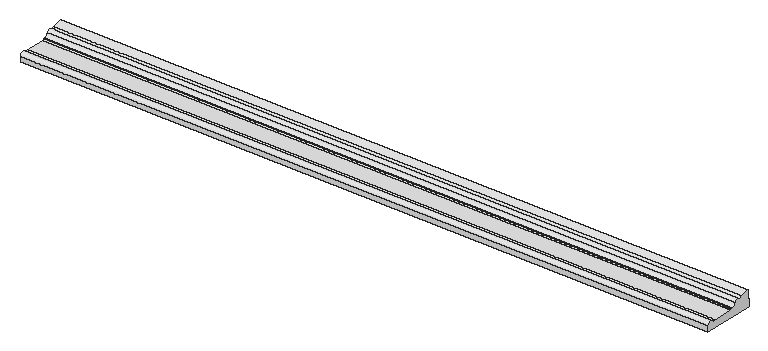
Revit family "13-MOULDING-CADS-140-PCBADAMSCASING-4-REVIT_Versatex-Generic-Model-ADAMS-CASING", category Generic Models, host Face, Revit 2026
Family settings
  Host = Face
  Can host rebar = No
  Round Connector Dimension = Use Diameter
  Part Type = Normal
  Cut with Voids When Loaded = No
  Maintain Annotation Orientation = No
  Shared = No
  Room Calculation Point = No
Parameters
  Model = "PCBADAMSCASING"
  Length = 4' - 0"
  Warranty = "https://versatex.com/warranty/"
  URL = "https://versatex.com/"
  Specification = "https://www.arcat.com/company/versatex-45716/spec?coid=45716"
  Sales Information = "https://versatex.com/dealer-locator/"
  Message Manufacturer = "https://versatex.com/contact/"
  Material = Versatex PVC - Smooth
  Manufacturer Website = "https://versatex.com/"
  Manufacturer Phone = "724-857-1111"
  Manufacturer Fax = "724-857-1171"
  Manufacturer Address = "400 Steel Street, Aliquippa, PA 15001"
  Manufacturer = "Versatex"
  Literature = "https://versatex.com/literature/?_sft_literature_category=cads"
  Description = "ADAMS CASING"
  Default Elevation = 4' - 0"
  Copyright = "© 2024 VERSATEX Building Products, LLC"
Reference planes (in)
  plane 1 "Center (Front/Back)": y = 0
  plane 2: z = 0
  plane 3 "Center (Left/Right)": x = 0
  plane 4: x = 24
  plane 5: x = -24
Forms (in)
  Sweep 1, solid, material "Versatex PVC - Smooth" <- "Material"
    path origin (0, 0, 0) x (1, 0, 0) y (0, 1, 0)
      loop
        line (-24, 0) -> (24, 0)
    profile "Versatex_Profile_ADAMS CASING : Versatex_Profile_ADAMS CASING" origin (0, 0, 0) x (0, 1, 0) y (0, 0, 1)
      loop
        line (0, 0.32833) -> (0, 0) -> (3.49, 0) -> (3.49, 1.06) -> (2.90167, 0.925)
        arc (2.90167, 0.925) -> (2.83673, 0.87214) -> (2.78993, 0.80272) r 0.28545
        arc (2.78993, 0.80272) -> (2.56455, 0.88054) -> (2.37165, 0.74037) r 0.25796
        arc (2.37165, 0.74037) -> (2.28491, 0.60443) -> (2.135, 0.545) r 0.2621
        line (2.135, 0.545) -> (2.03333, 0.54667) -> (1.96667, 0.47167) -> (0.615, 0.47833)
        arc (0.615, 0.47833) -> (0.53806, 0.43021) -> (0.48574, 0.35606) r 0.2298
        arc (0.48574, 0.35606) -> (0.23265, 0.52123) -> (0, 0.32833) r 0.25466
Dimensions and locks (in)
  "Length": plane 5 to plane 4
  equal spacing: plane 5, plane 3 "Center (Left/Right)", plane 4, locked at 24 each
  aligned and locked: plane 2 to host face
  aligned and locked: level to host face
Automatic sketch dimensions
  host sketch curve to host sketch curve = 8' - 0"  (x2)
  plane 1 "Center (Front/Back)" to Sweep 1 sketch curve = 0' - 0"
  Sweep 1 sketch curve to plane 5 = 0' - 0"
  Sweep 1 sketch curve to plane 4 = 0' - 0"
